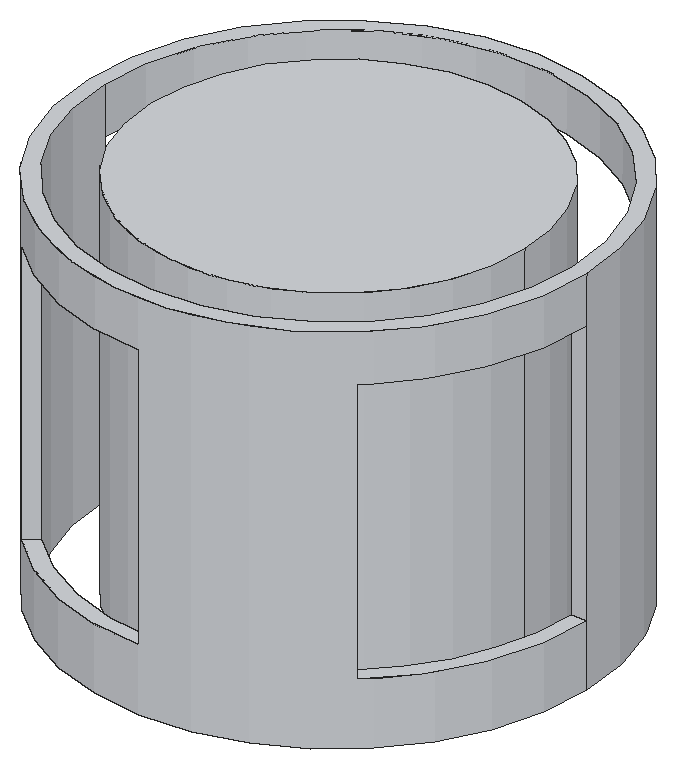
Revit family "combustion_air_terminal_", category Generic Models, Revit 2024
Family settings
  Can host rebar = No
  Round Connector Dimension = Use Diameter
  Part Type = Normal
  Work Plane-Based = No
  Always vertical = Yes
  Cut with Voids When Loaded = No
  Maintain Annotation Orientation = No
  Shared = No
  Room Calculation Point = No
Parameters
  length = 0' - 6"
  Default Elevation = 0' - 0"
Reference planes (in)
  plane 1 "Center (Front/Back)": y = 0
  plane 2: z = 0
  plane 3 "Center (Left/Right)": x = 0
  plane 4: z = 6
  plane 5: z = 3.12304
  plane 6: z = 5.24607
  plane 7: z = 1
  plane 8: through (-5.06662, 5.09118, 48) normal (0.7071, 0.7071, 0)
  plane 9: through (-4.55867, -4.54673, 48) normal (-0.7071, 0.7071, 0)
  plane 10: z = 5.24607
  plane 11: z = 1
  plane 12: z = 5.24607
  plane 13: z = 1
  plane 14: z = 5.24607
  plane 15: z = 1
Forms (in)
  Extrusion 1, solid
    sketch origin (0, 0, 0) x (1, 0, 0) y (0, 1, 0)
      loop
        circle (0, 0) r 3
    from 0 to 6 <- "length"
  Extrusion 2, solid
    sketch origin (0, 0, 0) x (1, 0, 0) y (0, 1, 0)
      loop
        circle (0, 0) r 3.75
      loop
        circle (0, 0) r 4
    from 0 to 6 <- "length"
  Sweep 3, void
    path origin (-28.19729, -180, 3.12304) x (-1, 0, 0) y (0, -1, 0)
      loop
        arc (-24.44729, -180) -> (-24.72991, -181.42821) -> (-25.53516, -182.64114) r 3.75
    profile origin (-3.46738, 1.42821, 3.12304) x (-0.924635, 0.380855, 0) y (0, 0, 1)
      loop
        line (0, -2.12304) -> (1, -2.12304) -> (1, 2.12304) -> (0, 2.12304) -> (0, -2.12304)
  Sweep 4, void
    path origin (-179.99809, 28.1688, 3.12304) x (0, 1, 0) y (-1, 0, 0)
      loop
        arc (-24.44729, -180) -> (-24.72991, -181.42821) -> (-25.53516, -182.64114) r 3.75
    profile origin (1.43011, 3.43889, 3.12304) x (0.380855, 0.924635, 0) y (0, 0, 1)
      loop
        line (0, -2.12304) -> (1, -2.12304) -> (1, 2.12304) -> (0, 2.12304) -> (0, -2.12304)
  Sweep 5, void
    path origin (27.88675, 179.99803, 3.12304) x (1, 0, 0) y (0, 1, 0)
      loop
        arc (-24.44729, -180) -> (-24.72991, -181.42821) -> (-25.53516, -182.64114) r 3.75
    profile origin (3.15685, -1.43018, 3.12304) x (0.924635, -0.380855, 0) y (0, 0, 1)
      loop
        line (0, -2.12304) -> (1, -2.12304) -> (1, 2.12304) -> (0, 2.12304) -> (0, -2.12304)
  Sweep 6, void
    path origin (179.99806, -28.16217, 3.12304) x (0, -1, 0) y (1, 0, 0)
      loop
        arc (-24.44729, -180) -> (-24.72991, -181.42821) -> (-25.53516, -182.64114) r 3.75
    profile origin (-1.43015, -3.43226, 3.12304) x (-0.380855, -0.924635, 0) y (0, 0, 1)
      loop
        line (0, -2.12304) -> (1, -2.12304) -> (1, 2.12304) -> (0, 2.12304) -> (0, -2.12304)
Cuts and joins
  Sweep 3, Sweep 4, Sweep 5, Sweep 6 cuts Extrusion 2
Dimensions and locks (in)
  "length": plane 4 to level
  plane 4 to plane 5 to level = 0' - 2.87696", 0' - 3.12304"
  equal spacing: plane 6, plane 5, plane 7
  plane 4 to plane 6 = 0' - 0.75393"
  plane 7 to level = 0' - 1"
  plane 10 to plane 11 = 0' - 4.24607"
  plane 12 to plane 13 = 0' - 4.24607"
  plane 14 to plane 15 = 0' - 4.24607"
  diameter of Extrusion 1 sketch curve = 0' - 6"
  diameter of Extrusion 2 sketch curve = 0' - 7 1/2"
  diameter of Extrusion 2 sketch curve = 0' - 8"
  aligned and locked: plane 2 to level
  aligned and locked: plane 3 "Center (Left/Right)" to Extrusion 1 sketch curve
  aligned and locked: plane 1 "Center (Front/Back)" to Extrusion 1 sketch curve
  aligned and locked: plane 3 "Center (Left/Right)" to Extrusion 2 sketch curve  (x2)
  aligned and locked: plane 1 "Center (Front/Back)" to Extrusion 2 sketch curve  (x2)
  aligned and locked: Sweep 3 sketch curve to plane 6
  aligned and locked: plane 7 to Sweep 3 sketch curve
  aligned and locked: Sweep 4 sketch curve to plane 10
  aligned and locked: plane 11 to Sweep 4 sketch curve
  aligned and locked: Sweep 5 sketch curve to plane 12
  aligned and locked: plane 13 to Sweep 5 sketch curve
  aligned and locked: Sweep 6 sketch curve to plane 14
  aligned and locked: plane 15 to Sweep 6 sketch curve
Automatic sketch dimensions
  plane 1 "Center (Front/Back)" to Sweep 3 sketch curve = 0' - 0"
  Sweep 3 sketch curve to plane 3 "Center (Left/Right)" = 0' - 0"
  Sweep 3 sketch curve to plane 3 "Center (Left/Right)" = 0' - 2.66212"
  Sweep 3 sketch curve to Sweep 3 sketch curve = 0' - 1.08788"
  Sweep 3 sketch curve to profile plane = 0' - 0"
  Sweep 3 sketch curve to Sweep 3 sketch curve = 0' - 1"
  plane 3 "Center (Left/Right)" to Sweep 4 sketch curve = 0' - 0.00191"
  plane 1 "Center (Front/Back)" to Sweep 4 sketch curve = 0' - 0.02849"
  Sweep 4 sketch curve to plane 1 "Center (Front/Back)" = 0' - 2.63363"
  Sweep 4 sketch curve to Sweep 4 sketch curve = 0' - 1.08788"
  Sweep 4 sketch curve to profile plane = 0' - 0"
  Sweep 4 sketch curve to Sweep 4 sketch curve = 0' - 1"
  plane 1 "Center (Front/Back)" to Sweep 5 sketch curve = 0' - 0.00197"
  Sweep 5 sketch curve to plane 3 "Center (Left/Right)" = 0' - 0.31053"
  plane 3 "Center (Left/Right)" to Sweep 5 sketch curve = 0' - 2.35159"
  Sweep 5 sketch curve to Sweep 5 sketch curve = 0' - 1.08788"
  Sweep 5 sketch curve to profile plane = 0' - 0"
  Sweep 5 sketch curve to Sweep 5 sketch curve = 0' - 1"
  Sweep 6 sketch curve to plane 1 "Center (Front/Back)" = 0' - 0.03512"
  Sweep 6 sketch curve to plane 3 "Center (Left/Right)" = 0' - 0.00194"
  plane 1 "Center (Front/Back)" to Sweep 6 sketch curve = 0' - 2.627"
  plane 1 "Center (Front/Back)" to Sweep 6 sketch curve = 0' - 3.71488"
  Sweep 6 sketch curve to profile plane = 0' - 0"
  Sweep 6 sketch curve to Sweep 6 sketch curve = 0' - 1"
Connectors (in)
  hvac at (0, 0, 6)
    settings: on Extrusion 1, index 1, duct flow 0 CFM, flow factor 0, pres drop 0.00 in-wg, loss coef 0, conn angle 0.00°, conn width 12", conn height 12", conn diameter 4", duct sys type 29, conn prof type 0, flow config 0, flow direction 0, loss method 0, conn ref index -1, conn util no, is conn primary yes, conn desc ""
  hvac at (0, 0, 0)
    settings: on Extrusion 1, index 2, duct flow 0 CFM, flow factor 0, pres drop 0.00 in-wg, loss coef 0, conn angle 0.00°, conn width 12", conn height 12", conn diameter 6", duct sys type 29, conn prof type 0, flow config 0, flow direction 0, loss method 0, conn ref index -1, conn util no, is conn primary no, conn desc ""
